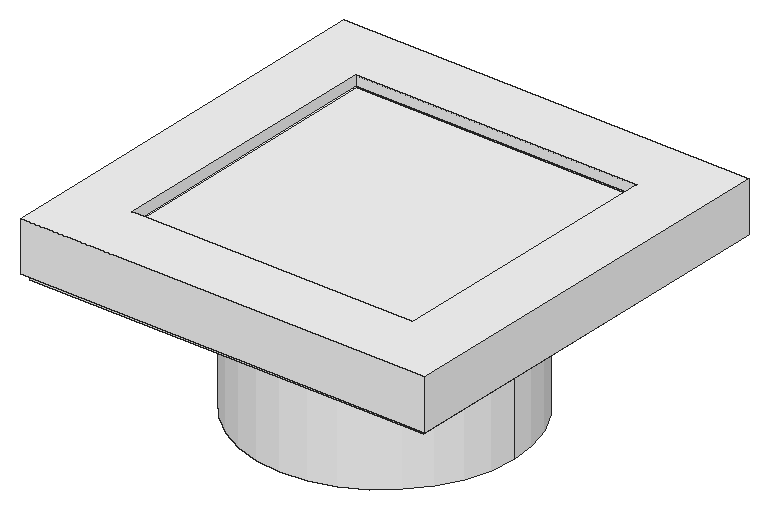
Revit family "Gira_0140600", category Electrical Fixtures, host Face, Revit 2017
Family settings
  Host = Face
  Maintain Annotation Orientation = Yes
  Round Connector Dimension = Use Diameter
  Part Type = Normal
  Cut with Voids When Loaded = No
  Shared = No
  Room Calculation Point = No
Parameters (values of type "Hotel-Card-Taster Wechsler (bel.) BSF System 55 Edelstahl(lack.)")
  Zusammenstellung = "Basiselement mit zentraler Abdeckplatte"
  White [instance] = White
  Werkstoffgüte = "sonstige"
  Werkstoff = "sonstige"
  URL = "http://katalog.gira.de/de_DE/datenblatt.html?artikelnr=0140600"
  Transparent = "No"
  Textfeld/Beschriftungsfläche = "Yes"
  Rückmeldekontakt = "No"
  Region = "DE"
  Oberfläche = "sonstige"
  Nennspannung = "250 Volt"
  Name = "Hotel-Card-Taster Wechsler (bel.) BSF System 55 Edelstahl(lack.)"
  Montageart = "unter Putz"
  Model = "Sys55_Komplettgerät_Schalten und Tasten"
  Mit Beleuchtung = "No"
  Manufacturer URL = "https://www.gira.de/"
  Kontakte = "1 Wechsler"
  HeinzeBIM = "https://bimportal.heinze.de/bim/hotel-card-taster-wechsler-bel-bsf-system-55-edelstahl-lack-/c40303a355018f6c3b1a33a83504f54d5dc8f4f0"
  Halogenfrei = "No"
  HAN = "0140600"
  Geeignet für Schutzart (IP) = "IP20"
  GTIN = "4010337021971"
  Farbe = "edelstahl"
  Default Elevation = 1219.2 mm
  Data sheet (1) = "https://katalog.gira.de/de_DE/download.html?artikelnr=0140600"
  Category = "Taster"
  Bemessungsstrom = "10 Ampere"
  Befestigungsart = "Krallen-/Schraubbefestigung"
  Bedienungsart = "Hotelcard"
  Available = "Yes"
  Ausführung der Oberfläche = "glänzend"
  Ausführung = "Einzeltaster"
  Aufdruck = "ohne"
  Anzahl der Betätigungswippen = "1 "
Reference planes
  plane 1 "Center (Front/Back)": y = 0
  plane 2: z = 0
  plane 3 "Center (Left/Right)": x = 0
Forms (mm)
  Extrusion 1, solid, material "White" <- "White", detail levels medium
    sketch origin (0, 0, 0) x (1, 0, 0) y (0, 1, 0)
      loop
        line (-40.4, 40.4) -> (-40.4, -40.4) -> (40.4, -40.4) -> (40.4, 40.4) -> (-40.4, 40.4)
      loop
        line (-28, 28) -> (-28, -28) -> (28, -28) -> (28, 28) -> (-28, 28)
    from 0 to 10
  Extrusion 2, solid, material "White" <- "White", detail levels fine
    sketch origin (0, 0, 0) x (1, 0, 0) y (0, 1, 0)
      loop
        line (-40.4, 40.4) -> (-40.4, -40.4) -> (40.4, -40.4) -> (40.4, 40.4) -> (-40.4, 40.4)
      loop
        line (-28, 28) -> (-28, -28) -> (28, -28) -> (28, 28) -> (-28, 28)
    from 0 to 10
  Extrusion 3, void
    sketch origin (0, 0, 0) x (1, 0, 0) y (0, 1, 0)
      loop
        line (-38.4, 38.4) -> (-38.4, -38.4) -> (38.4, -38.4) -> (38.4, 38.4) -> (-38.4, 38.4)
    from 0 to 8
  Extrusion 4, solid, material "White" <- "White", detail levels medium+fine
    sketch origin (0, 0, 0) x (1, 0, 0) y (0, 1, 0)
      loop
        line (-39.4, 39.4) -> (-39.4, -39.4) -> (39.4, -39.4) -> (39.4, 39.4) -> (-39.4, 39.4)
    from 0 to -1
  Extrusion 5, solid, material "White" <- "White", detail levels medium+fine
    sketch origin (0, 0, 0) x (1, 0, 0) y (0, 1, 0)
      loop
        line (-35.5, 35.5) -> (-35.5, -35.5) -> (35.5, -35.5) -> (35.5, 35.5) -> (-35.5, 35.5)
    from -2 to -3
  Extrusion 6, solid, material "White" <- "White", detail levels medium+fine
    sketch origin (0, 0, 0) x (1, 0, 0) y (0, 1, 0)
      loop
        circle (0, 0) r 26
    from 0 to -27.5
  Extrusion 7, solid, material "White" <- "White", detail levels coarse
    sketch origin (0, 0, 0) x (1, 0, 0) y (0, 1, 0)
      loop
        line (-40.4, 40.4) -> (-40.4, -40.4) -> (40.4, -40.4) -> (40.4, 40.4) -> (-40.4, 40.4)
    from -27.5 to 10
Cuts and joins
  Extrusion 3 cuts Extrusion 2
Dimensions and locks
  aligned and locked: plane 2 to host face
  aligned and locked: level to host face
  aligned and locked: plane 3 "Center (Left/Right)" to nested 2
  aligned and locked: plane 1 "Center (Front/Back)" to nested 2
Nested families
  nested 1: "Sys55_Abdeckung_Schalten und Tasten_floor_base" at (0, 0, 0), type "Sys55_Abdeckung_Schalten und Tasten_floor_base"
  nested 2: "Schalter" at (0, 0, 0), type "Schalter"
Connectors
  electrical at (0, 0, -27.5)
    settings: on Extrusion 6, index 1, voltage 220 V, apparent load 0 VA, apparent load phase1 0 VA, apparent load phase2 0 VA, apparent load phase3 0 VA, power factor 1, load classification "Other", number of poles 1, system type 30, power factor state 1, is connector primary yes, connector utility no, sub classification motor no, connector description ""
Definition of nested family "Sys55_Abdeckung_Schalten und Tasten_floor_base"
  Parameters
    Default Elevation = 1219.2 mm
    White [instance] = none
  Reference planes
    plane 1 "Center (Front/Back)": y = 0
    plane 2: z = 0
    plane 3 "Center (Left/Right)": x = 0
  Forms (mm)
    Extrusion 1, solid
      sketch origin (0, 0, 0) x (1, 0, 0) y (0, 1, 0)
        loop
          line (-1219.2, 1219.2) -> (-1219.2, -1219.2) -> (1219.2, -1219.2) -> (1219.2, 1219.2) -> (-1219.2, 1219.2)
      from 0 to -304.8
    Extrusion 2, solid, material <- "White", detail levels fine
      sketch origin (0, 0, 0) x (1, 0, 0) y (0, 1, 0)
        loop
          line (-27.5, 27.5) -> (-27.5, -27.5) -> (27.5, -27.5) -> (27.5, 27.5) -> (-27.5, 27.5)
      from 0 to 8
    Extrusion 3, void
      sketch origin (0, 0, 0) x (1, 0, 0) y (0, 1, 0)
        loop
          line (26, 26) -> (-26, 26) -> (-26, -26) -> (26, -26) -> (26, 26)
      from 0 to 6
    Extrusion 4, solid, material <- "White", detail levels medium
      sketch origin (0, 0, 0) x (1, 0, 0) y (0, 1, 0)
        loop
          line (-27.5, 27.5) -> (-27.5, -27.5) -> (27.5, -27.5) -> (27.5, 27.5) -> (-27.5, 27.5)
      from 0 to 8
    Extrusion 5, solid, material <- "White", detail levels medium
      sketch origin (0, 0, 0) x (1, 0, 0) y (0, 1, 0)
        loop
          line (11, -17.5) -> (11, 17.5) -> (-11, 17.5) -> (-11, -17.5) -> (11, -17.5)
      from -6 to 6
    Extrusion 6, solid, material <- "White", detail levels fine
      sketch origin (0, 0, 0) x (1, 0, 0) y (0, 1, 0)
        loop
          line (11, 17.5) -> (-11, 17.5) -> (-11, 16.5) -> (11, 16.5) -> (11, 17.5)
        loop
          line (-11, -16.5) -> (-11, -17.5) -> (11, -17.5) -> (11, -16.5) -> (-11, -16.5)
      from -4 to 6
    Extrusion 7, solid, material <- "White", detail levels fine
      sketch origin (0, 0, 0) x (1, 0, 0) y (0, 1, 0)
        loop
          arc (5, 9.347) -> (0, 10.6) -> (-5, 9.347) r 10.6
          line (-5, 9.347) -> (-5, -9.347)
          arc (-5, -9.347) -> (0, -10.6) -> (5, -9.347) r 10.6
          line (5, -9.347) -> (5, 9.347)
      from -6 to 6
    Extrusion 8, solid, material <- "White", detail levels coarse
      sketch origin (0, 0, 0) x (1, 0, 0) y (0, 1, 0)
        loop
          line (-27.5, 27.5) -> (-27.5, -27.5) -> (27.5, -27.5) -> (27.5, 27.5) -> (-27.5, 27.5)
      from -6 to 8
  Cuts and joins
    Extrusion 3 cuts Extrusion 2
  Dimensions and locks
    aligned and locked: plane 2 to Extrusion 1
    aligned and locked: level to Extrusion 1
Definition of nested family "Schalter"
  Reference planes
    plane 1: y = 0
    plane 2: x = 0
  Lines and regions (mm)
    detail lines
      curve 1: circle (1.375, 2.778, 0) r 0.8 normal (0, 0, 1)
      curve 2: line (1.021, 2.061, 0) -> (0, 0, 0)
      curve 3: line (0, 0, 0) -> (-0.538, 0.266, 0)
  Dimensions and locks
    curve 2 to curve 2 = 2.3 mm
    curve 3 to curve 2 = 0.6 mm
    radius of curve 1 = 0.8 mm
